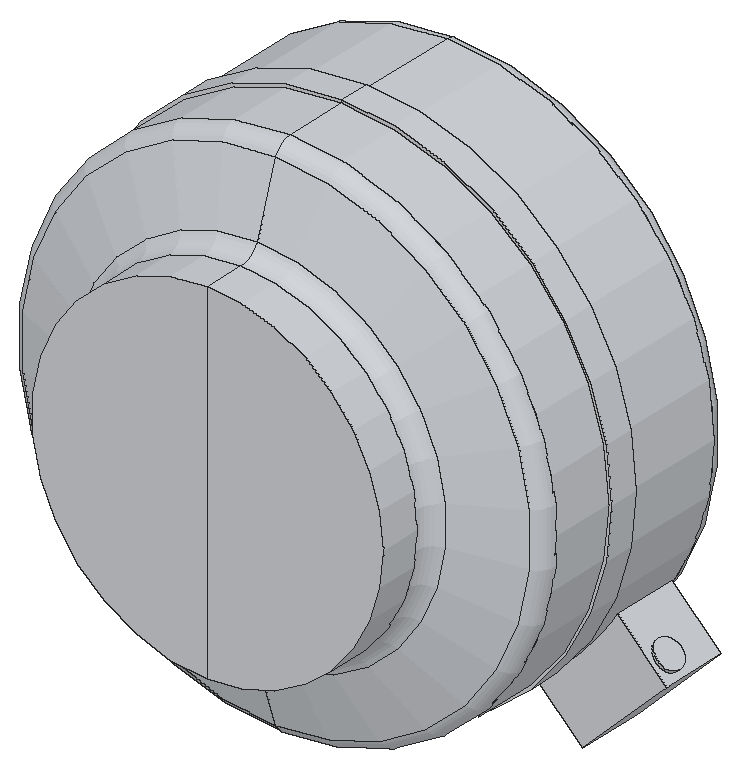
Revit family "RI-1200", category Generic Models, Revit 2016
Family settings
  Part Type = Normal
  Can host rebar = No
  Round Connector Dimension = Use Diameter
  Work Plane-Based = No
  Always vertical = Yes
  Cut with Voids When Loaded = No
  Shared = No
  Room Calculation Point = No
Parameters (values of type "RI-1200")
  WATTS = 360 W
  VOLTS = "120 V"
  URL = "http://www.reversomatic.com"
  RPM = "1420"
  Model = "RI-1200"
  Manufacturer = "REVERSOMATIC"
  Cost = 0
  CFM AT STATIC PRESURE = "0.00-1154, 0.10-1107, 0.20-1054, 0.30-1006, 0.40-953, 0.50-901, 0.60-857, 0.70-794, 0.80-725, .90-648,  1.00-592"
  CAPACITOR (mfd) = "24"
  C = 12 1/2"
  BB = 18"
  B = BB / 2  # 9"
  AMPS = 1.5 A
  AA = 11 7/8"
  A = AA / 2  # 5 15/16"
Reference planes (in)
  plane 1 "Center (Front/Back)": y = 0
  plane 2: z = 0
  plane 3 "Center (Left/Right)": x = 0
  plane 4: z = 9
  plane 5: y = -12.5
  plane 6: z = 5.9375
Forms (in)
  Revolve 1, solid
    sketch origin (0, 0, 0) x (0, 1, 0) y (0, 0, 1)
      loop
        line (0, 5.9375) -> (-0.57334, 5.9375)
        arc (-0.57334, 5.9375) -> (-0.83682, 6.01782) -> (-1.01069, 6.23147) r 0.47233
        line (-1.01069, 6.23147) -> (-1.90362, 8.67101)
        arc (-1.90362, 8.67101) -> (-2.08668, 8.90958) -> (-2.37346, 9) r 0.5
        line (-2.37346, 9) -> (-9.01011, 9)
        arc (-9.01011, 9) -> (-9.36787, 8.89495) -> (-9.61203, 8.61315) r 0.6617
        line (-9.61203, 8.61315) -> (-10.40527, 6.37597)
        arc (-10.40527, 6.37597) -> (-10.68202, 6.05657) -> (-11.08751, 5.9375) r 0.75
        line (-11.08751, 5.9375) -> (-12.5, 5.9375) -> (-12.5, 0) -> (0, 0) -> (0, 5.9375)
      axis (0, 0) -> (-12.5, 0)
    angle from 0 to 360
  Revolve 2, solid
    sketch origin (0, 0, 0) x (0, 1, 0) y (0, 0, 1)
      loop
        line (-6.83549, 9.11184) -> (-6.83549, 8.86184) -> (-5.79688, 8.86184) -> (-5.79688, 9.11184) -> (-6.83549, 9.11184)
      axis (-6.83549, 0) -> (-5.79688, 0)
    angle from 0 to 360
  Extrusion 3, solid
    sketch origin (0, 0, 0) x (1, 0, 0) y (0, 0, 1)
      loop
        line (5.26608, -3.22327) -> (3.85187, -1.80906) -> (1.851, -3.80993) -> (3.26521, -5.22414) -> (5.26608, -3.22327)
    from 2.57877 to 4.5262
  Extrusion 4, solid
    sketch origin (0, 0, 0) x (1, 0, 0) y (0, 0, 1)
      loop
        line (0.62339, -3.12723) -> (6.56467, -9.06851) -> (9.3931, -6.24008) -> (3.45182, -0.2988) -> (0.62339, -3.12723)
    from 2.58994 to 4.8679
  Extrusion 5, solid
    sketch origin (7.34091, 0, -4.18789) x (-0.707107, 0, 0.707107) y (0, -1, 0)
      loop
        circle (-2.18788, 4.21424) r 0.5
    from 0 to 0.10156
Cuts and joins
  joined: Revolve 1, Revolve 2, Extrusion 3, Extrusion 4
Lines and regions (in)
  model lines
    curve 1: line (0, -8.12819, 8.86184) -> (0, -8.78321, 8.86184)
Dimensions and locks (in)
  "B": plane 4 to plane 2
  "C": plane 5 to plane 1 "Center (Front/Back)"
  Revolve 1 sketch curve to Revolve 1 sketch curve = 9"
  "A": plane 6 to level
  "C": Revolve 1 to Revolve 1
  diameter of Revolve 1 = 11 7/8"  (x2)
  diameter of cut or joined group of Revolve 1, Revolve 2, Extrusion 3, Extrusion 4 = 18"
  aligned and locked: level to plane 2
  aligned and locked: Revolve 1 sketch curve to plane 4
  aligned and locked: Revolve 1 sketch curve to plane 5
  aligned and locked: plane 1 "Center (Front/Back)" to Revolve 1 sketch curve
  aligned and locked: plane 6 to Revolve 1 sketch curve
  aligned and locked: Revolve 1 sketch curve to plane 6
Automatic sketch dimensions
  curve 1 to plane 4 = 0.13816"
  curve 1 to plane 5 = 3.71679"
  curve 1 to curve 1 = 0.65503"
  plane 3 "Center (Left/Right)" to Extrusion 3 sketch curve = 1.851"
  Extrusion 3 sketch curve to Extrusion 3 sketch curve = 1.41421"
  Extrusion 3 sketch curve to level = 1.80906"
  Extrusion 3 sketch curve to Extrusion 3 sketch curve = 2.00087"  (x2)
  plane 3 "Center (Left/Right)" to Extrusion 4 sketch curve = 6.56467"
  Extrusion 4 sketch curve to Extrusion 4 sketch curve = 2.82843"  (x2)
  Extrusion 4 sketch curve to level = 0.2988"
  plane 3 "Center (Left/Right)" to Extrusion 4 sketch curve = 0.62339"
  Extrusion 4 to Extrusion 5 sketch curve = 0.71436"
  Extrusion 4 to Extrusion 5 sketch curve = 0.65366"
  Revolve 2 sketch curve to level = 0"
  Revolve 2 sketch curve to plane 4 = 0.13816"
  Revolve 2 sketch curve to plane 5 = 5.66451"
  Revolve 2 sketch curve to Revolve 2 sketch curve = 1.03861"
  plane 4 to Revolve 2 sketch curve = 0.11184"
  plane 5 to Revolve 2 sketch curve = 0.78321"
  Revolve 2 sketch curve to plane 1 "Center (Front/Back)" = 0.96679"
  Revolve 1 sketch curve to plane 5 = 0"
  Revolve 1 sketch curve to plane 1 "Center (Front/Back)" = 0"
  Revolve 1 sketch curve to level = 0"
  Revolve 1 sketch curve to plane 5 = 1.41249"
  plane 6 to Revolve 1 sketch curve = 0.43847"
  Revolve 1 sketch curve to Revolve 1 sketch curve = 0.68224"
  Revolve 1 sketch curve to plane 4 = 0.38685"
  Revolve 1 sketch curve to Revolve 1 sketch curve = 0.79324"
  Revolve 1 sketch curve to plane 4 = 0.6617"
  plane 1 "Center (Front/Back)" to Revolve 1 sketch curve = 2.37346"
  Revolve 1 sketch curve to plane 4 = 0.32899"
  Revolve 1 sketch curve to Revolve 1 sketch curve = 0.46985"
  plane 6 to Revolve 1 sketch curve = 0.29397"
  plane 1 "Center (Front/Back)" to Revolve 1 sketch curve = 1.01069"
  Revolve 1 sketch curve to Revolve 1 sketch curve = 0.43736"
  radius of Extrusion 5 sketch curve = 1/2"
